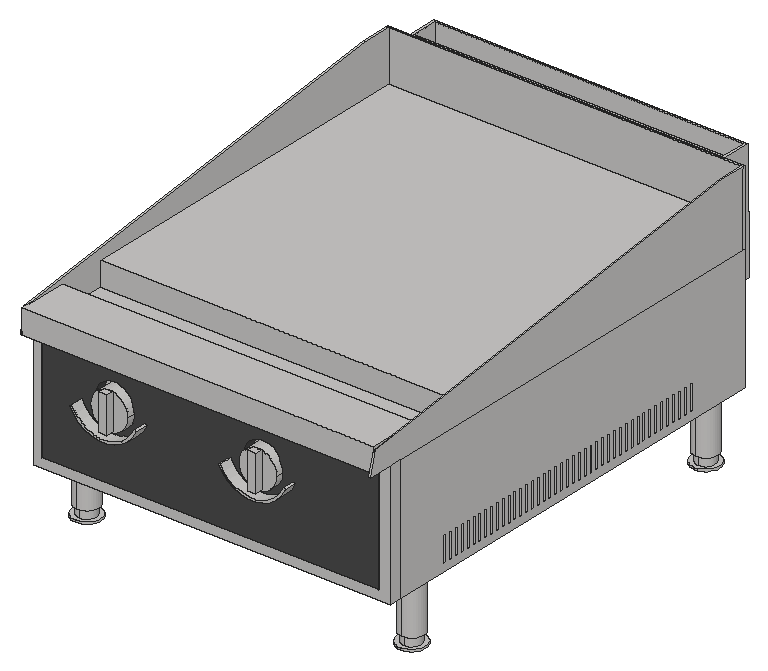
Revit family "QF_Vollrath_924GGT", category Specialty Equipment, Revit 2016
Family settings
  Part Type = Normal
  Round Connector Dimension = Use Diameter
  OmniClass Number = 23.40.40.14.17.21
  OmniClass Title = Grills
  Work Plane-Based = No
  Always vertical = Yes
  Cut with Voids When Loaded = No
  Shared = No
  Room Calculation Point = No
Parameters (values of type "924GGT")
  Width = 24.00"
  Weight in Pounds = 350
  Watermarked By = "http://revitwatermark.com"
  URL Cutsheet = ""
  URL = ""
  Status [instance] = ""
  Specification by User [instance] = ""
  Specification by Manufacturer [instance] = ""
  Serial Number [instance] = ""
  Seismic Rating [instance] = ""
  Revision Code [instance] = ""
  NAFEM Spec ID Number [instance] = ""
  Model = "924GGT"
  Mechanical Remarks [instance] = ""
  Mechanical Connection Type [instance] = ""
  Masterspec [instance] = ""
  Manufacturer = "Vollrath"
  Length = 31.00"
  Item Number [instance] = "-"
  Installed By [instance] = ""
  Height AFF [instance] = 36.00"
  Gas Size = 3/4"
  Gas RI Height [instance] = 0.00"
  Gas Input = 60000.0 Btu/h
  Gas Connection Height [instance] = Height AFF + 5.375"  # 41.375"
  Furnished By [instance] = ""
  Foodservice Equipment Identifier [instance] = yes
  Description = "Heavy-Duty Flat Top Gas Griddle Thermostatically Controlled"
  CSI MasterFormat = "11 44 00"
  Assembly Code = "E1090320"
Reference planes (in)
  plane 1: z = 0
  plane 2 "BOTTOM": z = 36
  plane 3 "LEFT CLEARANCE": x = -30.72076
  plane 4 "RIGHT CLEARANCE": x = 5.27924
  plane 5 "BACK CLEARANCE": y = 6
  plane 6 "Top of Legs": z = 40
  plane 7 "LEFT": x = -24.72076
  plane 8 "RIGHT": x = -0.72076
  plane 9 "BACK": y = 0
  plane 10: z = 39.75
  plane 11: z = 39.5
  plane 12: z = 41.5
  plane 13: y = -0.125
  plane 14: x = -24.59576
  plane 15 "Grease Trap": z = 48.38
  plane 16 "TOP": z = 53.38
  plane 17: y = -54.1
  plane 18: z = 37.04079
  plane 19: y = 1.5
  plane 20: z = 45.25
  plane 21: z = 45.4229
  plane 22: z = 50.005
  plane 23 "FRONT": y = -33
  plane 24: y = -29.62
  plane 25: y = -26.37
  plane 26: x = -0.84576
  plane 27: x = -1.46829
  plane 28: x = -2.0635
  plane 29: x = -2.0635
  plane 30: x = -12.72076
  plane 31: x = -12.72076
  plane 32: x = -6.22076
Forms (in)
  Extrusion 1, solid, material "QF_Finishes_Stainless Steel"
    sketch origin (0, -2, 36) x (0, 1, 0) y (-1, 0, 0)
      loop
        circle (-2, 23.59576) r 0.9375
    from 0 to 0.125
  Extrusion 2, solid, material "QF_Finishes_Stainless Steel"
    sketch origin (0, -2, 36) x (0, 1, 0) y (-1, 0, 0)
      loop
        circle (-2, 23.59576) r 0.625
    from 0.125 to 0.75
  Extrusion 3, solid, material "QF_Finishes_Stainless Steel"
    sketch origin (0, -2, 36) x (0, 1, 0) y (-1, 0, 0)
      loop
        circle (-2, 23.59576) r 0.8125
    from 0.75 to 4
  Extrusion 4, solid, material "QF_Finishes_Stainless Steel"
    sketch origin (33.375, -2, 36) x (0, 1, 0) y (-1, 0, 0)
      loop
        circle (-2, 35.09576) r 0.9375
    from 0 to 0.125
  Extrusion 5, solid, material "QF_Finishes_Stainless Steel"
    sketch origin (33.375, -2, 36) x (0, 1, 0) y (-1, 0, 0)
      loop
        circle (-2, 35.09576) r 0.625
    from 0.125 to 0.75
  Extrusion 6, solid, material "QF_Finishes_Stainless Steel"
    sketch origin (33.375, -2, 36) x (0, 1, 0) y (-1, 0, 0)
      loop
        circle (-2, 35.09576) r 0.8125
    from 0.75 to 4
  Extrusion 7, solid, material "QF_Finishes_Stainless Steel"
    sketch origin (33.375, -27.75, 36) x (0, 1, 0) y (-1, 0, 0)
      loop
        circle (-1, 35.09576) r 0.9375
    from 0 to 0.125
  Extrusion 8, solid, material "QF_Finishes_Stainless Steel"
    sketch origin (33.375, -27.75, 36) x (0, 1, 0) y (-1, 0, 0)
      loop
        circle (-1, 35.09576) r 0.625
    from 0.125 to 0.75
  Extrusion 9, solid, material "QF_Finishes_Stainless Steel"
    sketch origin (33.375, -27.75, 36) x (0, 1, 0) y (-1, 0, 0)
      loop
        circle (-1, 35.09576) r 0.8125
    from 0.75 to 4
  Extrusion 10, solid, material "QF_Finishes_Stainless Steel"
    sketch origin (0, -27.75, 36) x (0, 1, 0) y (-1, 0, 0)
      loop
        circle (-1, 23.59576) r 0.9375
    from 0 to 0.125
  Extrusion 11, solid, material "QF_Finishes_Stainless Steel"
    sketch origin (0, -27.75, 36) x (0, 1, 0) y (-1, 0, 0)
      loop
        circle (-1, 23.59576) r 0.625
    from 0.125 to 0.75
  Extrusion 12, solid, material "QF_Finishes_Stainless Steel"
    sketch origin (0, -27.75, 36) x (0, 1, 0) y (-1, 0, 0)
      loop
        circle (-1, 23.59576) r 0.8125
    from 0.75 to 4
  Extrusion 13, solid, material "QF_Finishes_Stainless Steel"
    sketch origin (0, -2, 36) x (0, 1, 0) y (-1, 0, 0)
      loop
        line (0, 24.72076) -> (-29.04599, 24.72076) -> (-29.04599, 0.72076) -> (0, 0.72076) -> (0, 24.72076)
    from 4 to 12.38
  Extrusion 14, solid, material "QF_Finishes_Black"
    sketch origin (0, -2, 0) x (1, 0, 0) y (0, 0, 1)
      loop
        line (-21.72076, 40) -> (-21.72076, 39.75) -> (-14.42076, 39.75) -> (-14.42076, 40) -> (-21.72076, 40)
    from 20.18353 to 29.04599
  Extrusion 15, solid, material "QF_Finishes_Black"
    sketch origin (0, -2, 0) x (1, 0, 0) y (0, 0, 1)
      loop
        line (-21.72076, 39.75) -> (-21.72076, 39.5) -> (-19.01868, 39.5) -> (-19.01868, 39.75) -> (-21.72076, 39.75)
    from 20.18353 to 29.04599
  Extrusion 16, solid, material "QF_Finishes_Clearances", detail levels coarse
    sketch origin (0, 0, 36) x (0, 1, 0) y (-1, 0, 0)
      loop
        line (6, 30.72076) -> (-33, 30.72076) -> (-33, 24.72076) -> (6, 24.72076) -> (6, 30.72076)
    from 0 to 17.38
  Extrusion 17, solid, material "QF_Finishes_Clearances", detail levels coarse
    sketch origin (0, 0, 36) x (0, 1, 0) y (-1, 0, 0)
      loop
        line (6, 0.72076) -> (-33, 0.72076) -> (-33, -5.27924) -> (6, -5.27924) -> (6, 0.72076)
    from 0 to 17.38
  Extrusion 18, solid, material "QF_Finishes_Clearances", detail levels coarse
    sketch origin (0, 0, 36) x (0, 1, 0) y (-1, 0, 0)
      loop
        line (6, 24.72076) -> (0, 24.72076) -> (0, 0.72076) -> (6, 0.72076) -> (6, 24.72076)
    from 0 to 17.38
  Extrusion 19, solid, material "QF_Finishes_Stainless Steel"
    sketch origin (15.31103, -2, 0) x (1, 0, 0) y (0, 0, 1)
      loop
        circle (-21.53179, 41.5) r 0.375
    from -1.5 to 0
  Extrusion 20, solid, material "QF_Finishes_Stainless Steel"
    sketch origin (-36.59576, -2, 0) x (0, 1, 0) y (0, 0, 1)
      loop
        line (-30.61071, 49.92402) -> (-30.9385, 48.38) -> (0, 48.38) -> (0, 53.38) -> (-2.02013, 53.38) -> (-30.61071, 49.92402)
    from 11.875 to 12
  Extrusion 21, solid, material "QF_Finishes_Stainless Steel"
    sketch origin (-24.72076, -2, 0) x (0, 1, 0) y (0, 0, 1)
      loop
        line (-27.62, 48.38) -> (-27.62, 50.005) -> (-31, 50.005) -> (-31, 48.38) -> (-27.62, 48.38)
    from 0.125 to 23.875
  Extrusion 22, solid, material "QF_Finishes_Stainless Steel"
    sketch origin (0, -2, 0) x (1, 0, 0) y (0, 0, 1)
      loop
        line (-24.72076, 48.38) -> (-24.72076, 40) -> (-0.72076, 40) -> (-0.72076, 48.38) -> (-24.72076, 48.38)
      loop
        line (-24.21829, 47.84818) -> (-24.21829, 40.59949) -> (-1.46829, 40.59949) -> (-1.46829, 47.84818) -> (-24.21829, 47.84818)
    from 29.04599 to 29.79599
  Extrusion 23, solid, material "QF_Finishes_Stainless Steel"
    sketch origin (-12.72076, -2, 0) x (0, 1, 0) y (0, 0, 1)
      loop
        line (-31.04007, 49.84867) -> (-31.41648, 48.38) -> (0, 48.38) -> (0, 53.38) -> (-1.85356, 53.38) -> (-31.04007, 49.84867)
    from 11.875 to 12
  Extrusion 24, solid, material "QF_Finishes_Stainless Steel"
    sketch origin (-24.72076, -2, 0) x (0, 1, 0) y (0, 0, 1)
      loop
        line (-0.125, 53.38) -> (-0.125, 48.38) -> (0, 48.38) -> (0, 53.38) -> (-0.125, 53.38)
    from 0 to 24
  Extrusion 25, solid, material "QF_Finishes_Black"
    sketch origin (0, -2, 0) x (1, 0, 0) y (0, 0, 1)
      loop
        line (-24.21829, 47.84818) -> (-24.21829, 40.59949) -> (-1.46829, 40.59949) -> (-1.46829, 47.84818) -> (-24.21829, 47.84818)
      loop
        circle (-19.29502, 45.68228) r 1.25
      loop
        circle (-9.29502, 45.68228) r 1.25
    from 29.04599 to 29.79599
  Extrusion 26, void
    sketch origin (-24.72076, -2, 0) x (0, 1, 0) y (0, 0, 1)
      loop
        line (-25.39258, 42.24738) -> (-25.39258, 40.49738) -> (-25.14258, 40.49738) -> (-25.14258, 42.24738) -> (-25.39258, 42.24738)
      loop
        line (-24.89258, 42.24738) -> (-24.89258, 40.49738) -> (-24.64258, 40.49738) -> (-24.64258, 42.24738) -> (-24.89258, 42.24738)
      loop
        line (-24.39258, 42.24738) -> (-24.39258, 40.49738) -> (-24.14258, 40.49738) -> (-24.14258, 42.24738) -> (-24.39258, 42.24738)
      loop
        line (-23.89258, 42.24738) -> (-23.89258, 40.49738) -> (-23.64258, 40.49738) -> (-23.64258, 42.24738) -> (-23.89258, 42.24738)
      loop
        line (-23.39258, 42.24738) -> (-23.39258, 40.49738) -> (-23.14258, 40.49738) -> (-23.14258, 42.24738) -> (-23.39258, 42.24738)
      loop
        line (-22.89258, 42.24738) -> (-22.89258, 40.49738) -> (-22.64258, 40.49738) -> (-22.64258, 42.24738) -> (-22.89258, 42.24738)
      loop
        line (-22.43353, 42.24738) -> (-22.43353, 40.49738) -> (-22.18353, 40.49738) -> (-22.18353, 42.24738) -> (-22.43353, 42.24738)
      loop
        line (-21.93353, 42.24738) -> (-21.93353, 40.49738) -> (-21.68353, 40.49738) -> (-21.68353, 42.24738) -> (-21.93353, 42.24738)
      loop
        line (-21.43353, 42.24738) -> (-21.43353, 40.49738) -> (-21.18353, 40.49738) -> (-21.18353, 42.24738) -> (-21.43353, 42.24738)
      loop
        line (-20.93353, 42.24738) -> (-20.93353, 40.49738) -> (-20.68353, 40.49738) -> (-20.68353, 42.24738) -> (-20.93353, 42.24738)
      loop
        line (-20.43353, 42.24738) -> (-20.43353, 40.49738) -> (-20.18353, 40.49738) -> (-20.18353, 42.24738) -> (-20.43353, 42.24738)
      loop
        line (-19.93353, 42.24738) -> (-19.93353, 40.49738) -> (-19.68353, 40.49738) -> (-19.68353, 42.24738) -> (-19.93353, 42.24738)
      loop
        line (-19.47447, 42.24738) -> (-19.47447, 40.49738) -> (-19.22447, 40.49738) -> (-19.22447, 42.24738) -> (-19.47447, 42.24738)
      loop
        line (-18.97447, 42.24738) -> (-18.97447, 40.49738) -> (-18.72447, 40.49738) -> (-18.72447, 42.24738) -> (-18.97447, 42.24738)
      loop
        line (-18.47447, 42.24738) -> (-18.47447, 40.49738) -> (-18.22447, 40.49738) -> (-18.22447, 42.24738) -> (-18.47447, 42.24738)
      loop
        line (-17.97447, 42.24738) -> (-17.97447, 40.49738) -> (-17.72447, 40.49738) -> (-17.72447, 42.24738) -> (-17.97447, 42.24738)
      loop
        line (-17.47447, 42.24738) -> (-17.47447, 40.49738) -> (-17.22447, 40.49738) -> (-17.22447, 42.24738) -> (-17.47447, 42.24738)
      loop
        line (-16.97447, 42.24738) -> (-16.97447, 40.49738) -> (-16.72447, 40.49738) -> (-16.72447, 42.24738) -> (-16.97447, 42.24738)
      loop
        line (-16.51542, 42.24738) -> (-16.51542, 40.49738) -> (-16.26542, 40.49738) -> (-16.26542, 42.24738) -> (-16.51542, 42.24738)
      loop
        line (-16.01542, 42.24738) -> (-16.01542, 40.49738) -> (-15.76542, 40.49738) -> (-15.76542, 42.24738) -> (-16.01542, 42.24738)
      loop
        line (-15.51542, 42.24738) -> (-15.51542, 40.49738) -> (-15.26542, 40.49738) -> (-15.26542, 42.24738) -> (-15.51542, 42.24738)
      loop
        line (-15.01542, 42.24738) -> (-15.01542, 40.49738) -> (-14.76542, 40.49738) -> (-14.76542, 42.24738) -> (-15.01542, 42.24738)
      loop
        line (-14.51542, 42.24738) -> (-14.51542, 40.49738) -> (-14.26542, 40.49738) -> (-14.26542, 42.24738) -> (-14.51542, 42.24738)
      loop
        line (-14.01542, 42.24738) -> (-14.01542, 40.49738) -> (-13.76542, 40.49738) -> (-13.76542, 42.24738) -> (-14.01542, 42.24738)
      loop
        line (-13.55636, 42.24738) -> (-13.55636, 40.49738) -> (-13.30636, 40.49738) -> (-13.30636, 42.24738) -> (-13.55636, 42.24738)
      loop
        line (-13.05636, 42.24738) -> (-13.05636, 40.49738) -> (-12.80636, 40.49738) -> (-12.80636, 42.24738) -> (-13.05636, 42.24738)
      loop
        line (-12.55636, 42.24738) -> (-12.55636, 40.49738) -> (-12.30636, 40.49738) -> (-12.30636, 42.24738) -> (-12.55636, 42.24738)
      loop
        line (-12.05636, 42.24738) -> (-12.05636, 40.49738) -> (-11.80636, 40.49738) -> (-11.80636, 42.24738) -> (-12.05636, 42.24738)
      loop
        line (-11.55636, 42.24738) -> (-11.55636, 40.49738) -> (-11.30636, 40.49738) -> (-11.30636, 42.24738) -> (-11.55636, 42.24738)
      loop
        line (-11.05636, 42.24738) -> (-11.05636, 40.49738) -> (-10.80636, 40.49738) -> (-10.80636, 42.24738) -> (-11.05636, 42.24738)
      loop
        line (-10.59731, 42.24738) -> (-10.59731, 40.49738) -> (-10.34731, 40.49738) -> (-10.34731, 42.24738) -> (-10.59731, 42.24738)
      loop
        line (-10.09731, 42.24738) -> (-10.09731, 40.49738) -> (-9.84731, 40.49738) -> (-9.84731, 42.24738) -> (-10.09731, 42.24738)
      loop
        line (-9.59731, 42.24738) -> (-9.59731, 40.49738) -> (-9.34731, 40.49738) -> (-9.34731, 42.24738) -> (-9.59731, 42.24738)
      loop
        line (-9.09731, 42.24738) -> (-9.09731, 40.49738) -> (-8.84731, 40.49738) -> (-8.84731, 42.24738) -> (-9.09731, 42.24738)
      loop
        line (-8.63825, 42.24738) -> (-8.63825, 40.49738) -> (-8.38825, 40.49738) -> (-8.38825, 42.24738) -> (-8.63825, 42.24738)
      loop
        line (-8.13825, 42.24738) -> (-8.13825, 40.49738) -> (-7.88825, 40.49738) -> (-7.88825, 42.24738) -> (-8.13825, 42.24738)
      loop
        line (-7.63825, 42.24738) -> (-7.63825, 40.49738) -> (-7.38825, 40.49738) -> (-7.38825, 42.24738) -> (-7.63825, 42.24738)
      loop
        line (-7.13825, 42.24738) -> (-7.13825, 40.49738) -> (-6.88825, 40.49738) -> (-6.88825, 42.24738) -> (-7.13825, 42.24738)
      loop
        line (-6.63825, 42.24738) -> (-6.63825, 40.49738) -> (-6.38825, 40.49738) -> (-6.38825, 42.24738) -> (-6.63825, 42.24738)
      loop
        line (-6.13825, 42.24738) -> (-6.13825, 40.49738) -> (-5.88825, 40.49738) -> (-5.88825, 42.24738) -> (-6.13825, 42.24738)
      loop
        line (-5.63825, 42.24738) -> (-5.63825, 40.49738) -> (-5.38825, 40.49738) -> (-5.38825, 42.24738) -> (-5.63825, 42.24738)
      loop
        line (-5.13825, 42.24738) -> (-5.13825, 40.49738) -> (-4.88825, 40.49738) -> (-4.88825, 42.24738) -> (-5.13825, 42.24738)
      loop
        line (-4.63825, 42.24738) -> (-4.63825, 40.49738) -> (-4.38825, 40.49738) -> (-4.38825, 42.24738) -> (-4.63825, 42.24738)
    from 23.67052 to 24
  Extrusion 27, void
    sketch origin (-48.47076, -2, 0) x (0, 1, 0) y (0, 0, 1)
      loop
        line (-25.39258, 42.24738) -> (-25.39258, 40.49738) -> (-25.14258, 40.49738) -> (-25.14258, 42.24738) -> (-25.39258, 42.24738)
      loop
        line (-24.89258, 42.24738) -> (-24.89258, 40.49738) -> (-24.64258, 40.49738) -> (-24.64258, 42.24738) -> (-24.89258, 42.24738)
      loop
        line (-24.39258, 42.24738) -> (-24.39258, 40.49738) -> (-24.14258, 40.49738) -> (-24.14258, 42.24738) -> (-24.39258, 42.24738)
      loop
        line (-23.89258, 42.24738) -> (-23.89258, 40.49738) -> (-23.64258, 40.49738) -> (-23.64258, 42.24738) -> (-23.89258, 42.24738)
      loop
        line (-23.39258, 42.24738) -> (-23.39258, 40.49738) -> (-23.14258, 40.49738) -> (-23.14258, 42.24738) -> (-23.39258, 42.24738)
      loop
        line (-22.89258, 42.24738) -> (-22.89258, 40.49738) -> (-22.64258, 40.49738) -> (-22.64258, 42.24738) -> (-22.89258, 42.24738)
      loop
        line (-22.43353, 42.24738) -> (-22.43353, 40.49738) -> (-22.18353, 40.49738) -> (-22.18353, 42.24738) -> (-22.43353, 42.24738)
      loop
        line (-21.93353, 42.24738) -> (-21.93353, 40.49738) -> (-21.68353, 40.49738) -> (-21.68353, 42.24738) -> (-21.93353, 42.24738)
      loop
        line (-21.43353, 42.24738) -> (-21.43353, 40.49738) -> (-21.18353, 40.49738) -> (-21.18353, 42.24738) -> (-21.43353, 42.24738)
      loop
        line (-20.93353, 42.24738) -> (-20.93353, 40.49738) -> (-20.68353, 40.49738) -> (-20.68353, 42.24738) -> (-20.93353, 42.24738)
      loop
        line (-20.43353, 42.24738) -> (-20.43353, 40.49738) -> (-20.18353, 40.49738) -> (-20.18353, 42.24738) -> (-20.43353, 42.24738)
      loop
        line (-19.93353, 42.24738) -> (-19.93353, 40.49738) -> (-19.68353, 40.49738) -> (-19.68353, 42.24738) -> (-19.93353, 42.24738)
      loop
        line (-19.47447, 42.24738) -> (-19.47447, 40.49738) -> (-19.22447, 40.49738) -> (-19.22447, 42.24738) -> (-19.47447, 42.24738)
      loop
        line (-18.97447, 42.24738) -> (-18.97447, 40.49738) -> (-18.72447, 40.49738) -> (-18.72447, 42.24738) -> (-18.97447, 42.24738)
      loop
        line (-18.47447, 42.24738) -> (-18.47447, 40.49738) -> (-18.22447, 40.49738) -> (-18.22447, 42.24738) -> (-18.47447, 42.24738)
      loop
        line (-17.97447, 42.24738) -> (-17.97447, 40.49738) -> (-17.72447, 40.49738) -> (-17.72447, 42.24738) -> (-17.97447, 42.24738)
      loop
        line (-17.47447, 42.24738) -> (-17.47447, 40.49738) -> (-17.22447, 40.49738) -> (-17.22447, 42.24738) -> (-17.47447, 42.24738)
      loop
        line (-16.97447, 42.24738) -> (-16.97447, 40.49738) -> (-16.72447, 40.49738) -> (-16.72447, 42.24738) -> (-16.97447, 42.24738)
      loop
        line (-16.51542, 42.24738) -> (-16.51542, 40.49738) -> (-16.26542, 40.49738) -> (-16.26542, 42.24738) -> (-16.51542, 42.24738)
      loop
        line (-16.01542, 42.24738) -> (-16.01542, 40.49738) -> (-15.76542, 40.49738) -> (-15.76542, 42.24738) -> (-16.01542, 42.24738)
      loop
        line (-15.51542, 42.24738) -> (-15.51542, 40.49738) -> (-15.26542, 40.49738) -> (-15.26542, 42.24738) -> (-15.51542, 42.24738)
      loop
        line (-15.01542, 42.24738) -> (-15.01542, 40.49738) -> (-14.76542, 40.49738) -> (-14.76542, 42.24738) -> (-15.01542, 42.24738)
      loop
        line (-14.51542, 42.24738) -> (-14.51542, 40.49738) -> (-14.26542, 40.49738) -> (-14.26542, 42.24738) -> (-14.51542, 42.24738)
      loop
        line (-14.01542, 42.24738) -> (-14.01542, 40.49738) -> (-13.76542, 40.49738) -> (-13.76542, 42.24738) -> (-14.01542, 42.24738)
      loop
        line (-13.55636, 42.24738) -> (-13.55636, 40.49738) -> (-13.30636, 40.49738) -> (-13.30636, 42.24738) -> (-13.55636, 42.24738)
      loop
        line (-13.05636, 42.24738) -> (-13.05636, 40.49738) -> (-12.80636, 40.49738) -> (-12.80636, 42.24738) -> (-13.05636, 42.24738)
      loop
        line (-12.55636, 42.24738) -> (-12.55636, 40.49738) -> (-12.30636, 40.49738) -> (-12.30636, 42.24738) -> (-12.55636, 42.24738)
      loop
        line (-12.05636, 42.24738) -> (-12.05636, 40.49738) -> (-11.80636, 40.49738) -> (-11.80636, 42.24738) -> (-12.05636, 42.24738)
      loop
        line (-11.55636, 42.24738) -> (-11.55636, 40.49738) -> (-11.30636, 40.49738) -> (-11.30636, 42.24738) -> (-11.55636, 42.24738)
      loop
        line (-11.05636, 42.24738) -> (-11.05636, 40.49738) -> (-10.80636, 40.49738) -> (-10.80636, 42.24738) -> (-11.05636, 42.24738)
      loop
        line (-10.59731, 42.24738) -> (-10.59731, 40.49738) -> (-10.34731, 40.49738) -> (-10.34731, 42.24738) -> (-10.59731, 42.24738)
      loop
        line (-10.13825, 42.24738) -> (-10.13825, 40.49738) -> (-9.88825, 40.49738) -> (-9.88825, 42.24738) -> (-10.13825, 42.24738)
      loop
        line (-9.63825, 42.24738) -> (-9.63825, 40.49738) -> (-9.38825, 40.49738) -> (-9.38825, 42.24738) -> (-9.63825, 42.24738)
      loop
        line (-9.13825, 42.24738) -> (-9.13825, 40.49738) -> (-8.88825, 40.49738) -> (-8.88825, 42.24738) -> (-9.13825, 42.24738)
      loop
        line (-8.63825, 42.24738) -> (-8.63825, 40.49738) -> (-8.38825, 40.49738) -> (-8.38825, 42.24738) -> (-8.63825, 42.24738)
      loop
        line (-8.13825, 42.24738) -> (-8.13825, 40.49738) -> (-7.88825, 40.49738) -> (-7.88825, 42.24738) -> (-8.13825, 42.24738)
      loop
        line (-7.63825, 42.24738) -> (-7.63825, 40.49738) -> (-7.38825, 40.49738) -> (-7.38825, 42.24738) -> (-7.63825, 42.24738)
      loop
        line (-7.1792, 42.24738) -> (-7.1792, 40.49738) -> (-6.9292, 40.49738) -> (-6.9292, 42.24738) -> (-7.1792, 42.24738)
      loop
        line (-6.6792, 42.24738) -> (-6.6792, 40.49738) -> (-6.4292, 40.49738) -> (-6.4292, 42.24738) -> (-6.6792, 42.24738)
      loop
        line (-6.1792, 42.24738) -> (-6.1792, 40.49738) -> (-5.9292, 40.49738) -> (-5.9292, 42.24738) -> (-6.1792, 42.24738)
      loop
        line (-5.6792, 42.24738) -> (-5.6792, 40.49738) -> (-5.4292, 40.49738) -> (-5.4292, 42.24738) -> (-5.6792, 42.24738)
      loop
        line (-5.1792, 42.24738) -> (-5.1792, 40.49738) -> (-4.9292, 40.49738) -> (-4.9292, 42.24738) -> (-5.1792, 42.24738)
      loop
        line (-4.6792, 42.24738) -> (-4.6792, 40.49738) -> (-4.4292, 40.49738) -> (-4.4292, 42.24738) -> (-4.6792, 42.24738)
    from 23.67052 to 24
  Extrusion 28, solid, material "QF_Finishes_Stainless Steel"
    sketch origin (2.53584, -6, 0) x (1, 0, 0) y (0, 0, 1)
      loop
        circle (-21.79502, 45.36228) r 1.25
    from 25.04599 to 26.25
  Extrusion 29, solid, material "QF_Finishes_Stainless Steel"
    sketch origin (2.53584, -6, 0.03961) x (1, 0, 0) y (0, 0, 1)
      loop
        line (-22.10719, 46.57267) -> (-22.10719, 44.14715) -> (-21.55452, 44.14715) -> (-21.55452, 46.57267) -> (-22.10719, 46.57267)
    from 26.25 to 26.75
  Extrusion 30, solid, material "QF_Finishes_Stainless Steel"
    sketch origin (12.53584, -6, 0) x (1, 0, 0) y (0, 0, 1)
      loop
        circle (-21.79502, 45.36228) r 1.25
    from 25.04599 to 26.25
  Extrusion 31, solid, material "QF_Finishes_Stainless Steel"
    sketch origin (12.53584, -6, 0.03961) x (1, 0, 0) y (0, 0, 1)
      loop
        line (-22.10719, 46.57267) -> (-22.10719, 44.14715) -> (-21.55452, 44.14715) -> (-21.55452, 46.57267) -> (-22.10719, 46.57267)
    from 26.25 to 26.75
  Extrusion 32, solid, material "QF_Finishes_Stainless Steel", not visible
    sketch origin (0, 0, 0.25) x (1, 0, 0) y (0, 0, 1)
      loop
        circle (-24.02485, 46.05421) r 0.25
    from 0.125 to 25.04599
  Extrusion 33, solid, material "QF_Finishes_Stainless Steel", not visible
    sketch origin (0.8089, 0, 0.25) x (1, 0, 0) y (0, 0, 1)
      loop
        circle (-24.02485, 46.05421) r 0.25
    from 0.125 to 25.04599
  Extrusion 34, solid, material "QF_Finishes_Stainless Steel", not visible
    sketch origin (1.62977, 0, 0.25) x (1, 0, 0) y (0, 0, 1)
      loop
        circle (-24.02485, 46.05421) r 0.25
    from 0.24473 to 25.25
  Extrusion 35, solid, material "QF_Finishes_Stainless Steel", not visible
    sketch origin (2.43868, 0, 0.25) x (1, 0, 0) y (0, 0, 1)
      loop
        circle (-24.02485, 46.05421) r 0.25
    from 0.24473 to 25.04599
  Extrusion 36, solid, material "QF_Finishes_Stainless Steel", not visible
    sketch origin (3.25954, 0, 0.25) x (1, 0, 0) y (0, 0, 1)
      loop
        circle (-24.02485, 46.05421) r 0.25
    from 0.24473 to 25.04599
  Extrusion 37, solid, material "QF_Finishes_Stainless Steel", not visible
    sketch origin (4.06845, 0, 0.25) x (1, 0, 0) y (0, 0, 1)
      loop
        circle (-24.02485, 46.05421) r 0.25
    from 0.125 to 25.75
  Extrusion 38, solid, material "QF_Finishes_Stainless Steel", not visible
    sketch origin (4.88932, 0, 0.25) x (1, 0, 0) y (0, 0, 1)
      loop
        circle (-24.02485, 46.05421) r 0.25
    from 0.125 to 25.04599
  Extrusion 39, solid, material "QF_Finishes_Stainless Steel", not visible
    sketch origin (5.69822, 0, 0.25) x (1, 0, 0) y (0, 0, 1)
      loop
        circle (-24.02485, 46.05421) r 0.25
    from 0.125 to 25.75
  Extrusion 40, solid, material "QF_Finishes_Stainless Steel", not visible
    sketch origin (6.51909, 0, 0.25) x (1, 0, 0) y (0, 0, 1)
      loop
        circle (-24.02485, 46.05421) r 0.25
    from 0.125 to 25.04599
  Extrusion 41, solid, material "QF_Finishes_Stainless Steel", not visible
    sketch origin (7.32799, 0, 0.25) x (1, 0, 0) y (0, 0, 1)
      loop
        circle (-24.02485, 46.05421) r 0.25
    from 0 to 25.04599
  Extrusion 42, solid, material "QF_Finishes_Stainless Steel", not visible
    sketch origin (8.14886, 0, 0.25) x (1, 0, 0) y (0, 0, 1)
      loop
        circle (-24.02485, 46.05421) r 0.25
    from 0 to 25.04599
  Extrusion 43, solid, material "QF_Finishes_Stainless Steel", not visible
    sketch origin (8.95777, 0, 0.25) x (1, 0, 0) y (0, 0, 1)
      loop
        circle (-24.02485, 46.05421) r 0.25
    from 0 to 25.04599
  Extrusion 44, solid, material "QF_Finishes_Stainless Steel", not visible
    sketch origin (9.76477, 0, 0.25) x (1, 0, 0) y (0, 0, 1)
      loop
        circle (-24.02485, 46.05421) r 0.25
    from 0 to 25.04599
  Extrusion 45, solid, material "QF_Finishes_Stainless Steel", not visible
    sketch origin (10.57367, 0, 0.25) x (1, 0, 0) y (0, 0, 1)
      loop
        circle (-24.02485, 46.05421) r 0.25
    from 0 to 25.04599
  Extrusion 46, solid, material "QF_Finishes_Stainless Steel", not visible
    sketch origin (11.39454, 0, 0.25) x (1, 0, 0) y (0, 0, 1)
      loop
        circle (-24.02485, 46.05421) r 0.25
    from 0 to 25.04599
  Extrusion 47, solid, material "QF_Finishes_Stainless Steel", not visible
    sketch origin (12.26638, 0, 0.25) x (1, 0, 0) y (0, 0, 1)
      loop
        circle (-24.02485, 46.05421) r 0.25
    from 0 to 25.04599
  Extrusion 48, solid, material "QF_Finishes_Stainless Steel", not visible
    sketch origin (13.08724, 0, 0.25) x (1, 0, 0) y (0, 0, 1)
      loop
        circle (-24.02485, 46.05421) r 0.25
    from 0 to 25.04599
  Extrusion 49, solid, material "QF_Finishes_Stainless Steel", not visible
    sketch origin (13.89615, 0, 0.25) x (1, 0, 0) y (0, 0, 1)
      loop
        circle (-24.02485, 46.05421) r 0.25
    from 0 to 25.04599
  Extrusion 50, solid, material "QF_Finishes_Stainless Steel", not visible
    sketch origin (15.40006, 0, 0.25) x (1, 0, 0) y (0, 0, 1)
      loop
        circle (-30.52485, 46.05421) r 0.25
    from 0 to 25.04599
  Extrusion 51, solid, material "QF_Finishes_Stainless Steel", not visible
    sketch origin (16.22092, 0, 0.25) x (1, 0, 0) y (0, 0, 1)
      loop
        circle (-30.52485, 46.05421) r 0.25
    from 0 to 25.25
  Extrusion 52, solid, material "QF_Finishes_Stainless Steel", not visible
    sketch origin (17.09276, 0, 0.25) x (1, 0, 0) y (0, 0, 1)
      loop
        circle (-30.52485, 46.05421) r 0.25
    from 0 to 25.04599
  Extrusion 53, solid, material "QF_Finishes_Stainless Steel", not visible
    sketch origin (17.91363, 0, 0.25) x (1, 0, 0) y (0, 0, 1)
      loop
        circle (-30.52485, 46.05421) r 0.25
    from 0 to 25.04599
  Extrusion 54, solid, material "QF_Finishes_Stainless Steel", not visible
    sketch origin (18.72253, 0, 0.25) x (1, 0, 0) y (0, 0, 1)
      loop
        circle (-30.52485, 46.05421) r 0.25
    from 0 to 25.04599
  Extrusion 55, solid, material "QF_Finishes_Stainless Steel", not visible
    sketch origin (19.5434, 0, 0.25) x (1, 0, 0) y (0, 0, 1)
      loop
        circle (-30.52485, 46.05421) r 0.25
    from 0 to 25.04599
  Extrusion 56, solid, material "QF_Finishes_Stainless Steel", not visible
    sketch origin (20.3523, 0, 0.25) x (1, 0, 0) y (0, 0, 1)
      loop
        circle (-30.52485, 46.05421) r 0.25
    from 0 to 25.04599
  Extrusion 57, solid, material "QF_Finishes_Stainless Steel", not visible
    sketch origin (21.17317, 0, 0.25) x (1, 0, 0) y (0, 0, 1)
      loop
        circle (-30.52485, 46.05421) r 0.25
    from 0 to 25.04599
  Extrusion 58, solid, material "QF_Finishes_Stainless Steel", not visible
    sketch origin (21.98208, 0, 0.25) x (1, 0, 0) y (0, 0, 1)
      loop
        circle (-30.52485, 46.05421) r 0.25
    from 0 to 25.04599
  Extrusion 59, solid, material "QF_Finishes_Stainless Steel", not visible
    sketch origin (22.80294, 0, 0.25) x (1, 0, 0) y (0, 0, 1)
      loop
        circle (-30.52485, 46.05421) r 0.25
    from 0 to 25.25
  Extrusion 60, solid, material "QF_Finishes_Stainless Steel", not visible
    sketch origin (23.61185, 0, 0.25) x (1, 0, 0) y (0, 0, 1)
      loop
        circle (-30.52485, 46.05421) r 0.25
    from 0 to 25.04599
  Extrusion 61, solid, material "QF_Finishes_Stainless Steel", not visible
    sketch origin (24.43272, 0, 0.25) x (1, 0, 0) y (0, 0, 1)
      loop
        circle (-30.52485, 46.05421) r 0.25
    from 0 to 25.04599
  Extrusion 62, solid, material "QF_Finishes_Stainless Steel", not visible
    sketch origin (25.24162, 0, 0.25) x (1, 0, 0) y (0, 0, 1)
      loop
        circle (-30.52485, 46.05421) r 0.25
    from 0 to 25.75
  Extrusion 63, solid, material "QF_Finishes_Stainless Steel", not visible
    sketch origin (26.06249, 0, 0.25) x (1, 0, 0) y (0, 0, 1)
      loop
        circle (-30.52485, 46.05421) r 0.25
    from 0 to 25.04599
  Extrusion 64, solid, material "QF_Finishes_Stainless Steel", not visible
    sketch origin (32.58158, 0, 0.25) x (1, 0, 0) y (0, 0, 1)
      loop
        circle (-36.02485, 46.05421) r 0.25
    from 0 to 25.04599
  Extrusion 65, solid, material "QF_Finishes_Stainless Steel", not visible
    sketch origin (33.40244, 0, 0.25) x (1, 0, 0) y (0, 0, 1)
      loop
        circle (-36.02485, 46.05421) r 0.25
    from 0 to 25.04599
  Extrusion 66, solid, material "QF_Finishes_Stainless Steel", not visible
    sketch origin (34.21135, 0, 0.25) x (1, 0, 0) y (0, 0, 1)
      loop
        circle (-36.02485, 46.05421) r 0.25
    from 0 to 25.75
  Sweep 67, solid, material "QF_Finishes_Stainless Steel"
    path origin (0.78584, -32.63083, 0) x (1, 0, 0) y (0, 0, 1)
      loop
        arc (-22.40972, 45.02818) -> (-20.15972, 43.59334) -> (-17.90972, 45.02818) r 2.48155
    profile origin (-19.37389, -32.63083, 43.59334) x (0, 0, 1) y (0, -1, 0)
      loop
        line (0, 0) -> (0, -0.83484) -> (0.14592, -0.83484) -> (0.14592, 0) -> (0, 0)
  Sweep 68, solid, material "QF_Finishes_Stainless Steel"
    path origin (10.78584, -32.63083, 0) x (1, 0, 0) y (0, 0, 1)
      loop
        arc (-22.40972, 45.02818) -> (-20.15972, 43.59334) -> (-17.90972, 45.02818) r 2.48155
    profile origin (-9.37389, -32.63083, 43.59334) x (0, 0, 1) y (0, -1, 0)
      loop
        line (0, 0) -> (0, -0.83484) -> (0.14592, -0.83484) -> (0.14592, 0) -> (0, 0)
  Extrusion 69, solid, material "QF_Finishes_Stainless Steel"
    sketch origin (0, 0, 36) x (0, 1, 0) y (-1, 0, 0)
      loop
        line (0, 23.22076) -> (-2, 23.22076) -> (-2, 2.0635) -> (0, 2.0635) -> (0, 23.22076)
      loop
        line (-0.125, 23.09841) -> (-1.85689, 23.09841) -> (-1.85689, 2.22076) -> (-0.125, 2.22076) -> (-0.125, 23.09841)
    from 9.4229 to 17.38
  Extrusion 70, solid, material "QF_Finishes_Stainless Steel"
    sketch origin (0, 0, 36) x (0, 1, 0) y (-1, 0, 0)
      loop
        line (0, 23.22076) -> (-2, 23.22076) -> (-2, 2.0635) -> (0, 2.0635) -> (0, 23.22076)
    from 9.25 to 9.4229
  Extrusion 71, solid, material "QF_Finishes_Stainless Steel"
    sketch origin (-24.72076, 0, 0) x (0, 1, 0) y (0, 0, 1)
      loop
        line (-26.37, 50.005) -> (-26.37, 48.38) -> (-2.125, 48.38) -> (-2.125, 50.005) -> (-26.37, 50.005)
    from 0.125 to 23.875
  Extrusion 72, solid, material "QF_Finishes_Stainless Steel", not visible
    sketch origin (2.53584, -6, 0) x (1, 0, 0) y (0, 0, 1)
      loop
        circle (-21.79502, 45.36228) r 1.25
    from 25.04599 to 26.25
  Extrusion 73, solid, material "QF_Finishes_Stainless Steel", not visible
    sketch origin (2.53584, -6, 0.03961) x (1, 0, 0) y (0, 0, 1)
      loop
        line (-22.10719, 46.57267) -> (-22.10719, 44.14715) -> (-21.55452, 44.14715) -> (-21.55452, 46.57267) -> (-22.10719, 46.57267)
    from 26.25 to 26.75
  Extrusion 74, solid, material "QF_Finishes_Stainless Steel", not visible
    sketch origin (12.53584, -6, 0) x (1, 0, 0) y (0, 0, 1)
      loop
        circle (-21.79502, 45.36228) r 1.25
    from 25.04599 to 26.25
  Extrusion 75, solid, material "QF_Finishes_Stainless Steel", not visible
    sketch origin (12.53584, -6, 0.03961) x (1, 0, 0) y (0, 0, 1)
      loop
        line (-22.10719, 46.57267) -> (-22.10719, 44.14715) -> (-21.55452, 44.14715) -> (-21.55452, 46.57267) -> (-22.10719, 46.57267)
    from 26.25 to 26.75
  Sweep 76, solid, material "QF_Finishes_Stainless Steel", not visible
    path origin (0.78584, -32.63083, 0) x (1, 0, 0) y (0, 0, 1)
      loop
        arc (-22.40972, 45.02818) -> (-20.15972, 43.59334) -> (-17.90972, 45.02818) r 2.48155
    profile origin (-19.37389, -32.63083, 43.59334) x (0, 0, 1) y (0, -1, 0)
      loop
        line (0, 0) -> (0, -0.83484) -> (0.14592, -0.83484) -> (0.14592, 0) -> (0, 0)
  Sweep 77, solid, material "QF_Finishes_Stainless Steel", not visible
    path origin (10.78584, -32.63083, 0) x (1, 0, 0) y (0, 0, 1)
      loop
        arc (-22.40972, 45.02818) -> (-20.15972, 43.59334) -> (-17.90972, 45.02818) r 2.48155
    profile origin (-9.37389, -32.63083, 43.59334) x (0, 0, 1) y (0, -1, 0)
      loop
        line (0, 0) -> (0, -0.83484) -> (0.14592, -0.83484) -> (0.14592, 0) -> (0, 0)
Cuts and joins
  Extrusion 26, Extrusion 27 cuts Extrusion 13
  Extrusion 26 cuts Extrusion 16
  Extrusion 27 cuts Extrusion 17
  joined: Extrusion 69, Extrusion 70
Lines and regions (in)
  symbolic lines, style "QF_Clearances", detail levels coarse
    curve 1: line (-30.72076, -31, 36) -> (-30.72076, 6, 36)
    curve 2: line (-30.72076, 6, 36) -> (-24.72076, 6, 36)
    curve 3: line (-24.72076, 6, 36) -> (-0.72076, 6, 36)
    curve 4: line (-0.72076, 6, 36) -> (5.27924, 6, 36)
    curve 5: line (5.27924, 6, 36) -> (5.27924, -31, 36)
  symbolic lines
    curve 6: line (-24.72076, -2, 36) -> (-0.72076, -2, 36)
    curve 7: line (-0.72076, -2, 36) -> (-0.72076, -29.62, 36)
    curve 8: line (-0.72076, -29.62, 36) -> (-24.72076, -29.62, 36)
    curve 9: line (-24.72076, -29.62, 36) -> (-24.72076, -2, 36)
    curve 10: line (-24.72076, -33, 36) -> (-0.72076, -33, 36)
    curve 14: line (-0.72076, -26.37, 36) -> (-24.72076, -26.37, 36)
    curve 19: line (-22.72076, -29.62, 48.38) -> (-22.72076, -26.37, 48.38)
  symbolic lines, style "QF_Clearances", detail levels coarse+fine
    curve 11: line (-14.42076, -33, 36) -> (-14.42076, -54.1, 36)
    curve 12: line (-14.42076, -54.1, 36) -> (-21.82076, -54.1, 36)
    curve 13: line (-21.82076, -54.1, 36) -> (-21.82076, -33, 36)
  symbolic lines, style "SpecialityEquipment"
    curve 15: line (-2.0635, -2, 36) -> (-2.0635, 0, 36)
    curve 16: line (-2.0635, 0, 36) -> (-23.22076, 0, 36)
    curve 17: line (-23.22076, 0, 36) -> (-23.22076, -2, 36)
  model lines
    curve 18: line (-22.72076, -26.37, 48.38) -> (-22.72076, -29.62, 48.38)
    curve 20: line (-18.72545, -26.39258, 48.38) -> (-18.72545, -29.64258, 48.38)
Dimensions and locks (in)
  "Height AFF": plane 2 "BOTTOM" to level
  plane 3 "LEFT CLEARANCE" to plane 7 "LEFT" = 6.00"
  locked: plane 8 "RIGHT" to plane 4 "RIGHT CLEARANCE" at 6
  plane 5 "BACK CLEARANCE" to plane 9 "BACK" = 6.00"
  locked: Extrusion 19 sketch curve to plane 6 "Top of Legs" at 1.5
  locked: plane 6 "Top of Legs" to plane 2 "BOTTOM" at 4
  locked: plane 10 to plane 11 at 0.25
  locked: plane 6 "Top of Legs" to plane 10 at 0.25
  locked: plane 12 to plane 6 "Top of Legs" at 1.5
  locked: plane 15 "Grease Trap" to plane 6 "Top of Legs" at 8.38
  plane 17 to Extrusion 21 = 21.10"
  locked: plane 22 to plane 15 "Grease Trap" at 1.625
  locked: plane 16 "TOP" to plane 22 at 3.375
  locked: Extrusion 30 to plane 2 "BOTTOM" at 9.36228
  locked: plane 26 to plane 8 "RIGHT" at 0.125
  plane 26 to plane 8 "RIGHT" = 0.125"
  locked: plane 29 to plane 27 at 0.59522
  locked: plane 27 to plane 26 at 0.62253
  "Width": plane 7 "LEFT" to plane 8 "RIGHT"
  equal spacing: plane 7 "LEFT", plane 30, plane 8 "RIGHT"
  locked: plane 31 to plane 32 at 6.5
  locked: plane 21 to plane 20 at 0.1729
  locked: plane 16 "TOP" to plane 21 at 7.9571
  aligned and locked: level to plane 1
  aligned and locked: Extrusion 16 to Extrusion 20
  aligned and locked: Extrusion 16 to Extrusion 18
  aligned and locked: Extrusion 16 to Extrusion 23
  aligned and locked: plane 16 "TOP" to Extrusion 16
  aligned and locked: Extrusion 13 to Extrusion 20
  aligned and locked: Extrusion 13 to Extrusion 21
  aligned and locked: Extrusion 17 to Extrusion 18
  aligned and locked: plane 21 to Extrusion 70
  aligned and locked: Extrusion 70 to plane 20
  aligned and locked: Extrusion 69 to Extrusion 70  (x2)
  aligned and locked: Extrusion 18 to Extrusion 69
  aligned and locked: Extrusion 71 sketch curve to plane 22
  aligned and locked: Extrusion 71 sketch curve to Extrusion 24
  aligned and locked: Extrusion 23 to plane 8 "RIGHT"
  aligned and locked: Extrusion 23 to Extrusion 21
  aligned and locked: Extrusion 24 to plane 8 "RIGHT"
  aligned and locked: Extrusion 22 to plane 8 "RIGHT"
  aligned and locked: Extrusion 25 to Extrusion 22
  aligned and locked: Extrusion 22 to plane 27
  aligned and locked: Extrusion 70 to curve 16
  aligned and locked: Extrusion 23 to plane 26
  aligned and locked: Extrusion 71 to Extrusion 21
  aligned and locked: Extrusion 29 to Extrusion 15
  aligned and locked: Extrusion 20 to plane 15 "Grease Trap"
Automatic sketch dimensions
  Extrusion 1 sketch curve to plane 13 = 3.875"
  plane 14 to Extrusion 1 sketch curve = 1.00"
  Extrusion 2 sketch curve to plane 13 = 3.875"
  plane 14 to Extrusion 2 sketch curve = 1.00"
  Extrusion 3 sketch curve to plane 13 = 3.875"
  plane 14 to Extrusion 3 sketch curve = 1.00"
  plane 14 to Extrusion 10 sketch curve = 1.00"
  plane 14 to Extrusion 11 sketch curve = 1.00"
  plane 14 to Extrusion 12 sketch curve = 1.00"
  Extrusion 16 sketch curve to plane 3 "LEFT CLEARANCE" = 0.00"
  Extrusion 16 sketch curve to plane 5 "BACK CLEARANCE" = 0.00"
  Extrusion 16 sketch curve to plane 7 "LEFT" = 0.00"
  plane 6 "Top of Legs" to Extrusion 26 sketch curve = 0.49738"  (x3)
  Extrusion 26 sketch curve to Extrusion 26 sketch curve = 0.25"  (x79)
  Extrusion 26 sketch curve to Extrusion 26 sketch curve = 0.20905"  (x6)
  Extrusion 26 sketch curve to Extrusion 26 sketch curve = 0.00"  (x82)
  plane 12 to Extrusion 26 sketch curve = 0.74738"
  plane 6 "Top of Legs" to Extrusion 27 sketch curve = 0.49738"  (x3)
  Extrusion 27 sketch curve to Extrusion 27 sketch curve = 0.25"  (x78)
  Extrusion 27 sketch curve to Extrusion 27 sketch curve = 0.20905"  (x7)
  Extrusion 27 sketch curve to Extrusion 27 sketch curve = 0.00"  (x82)
  plane 12 to Extrusion 27 sketch curve = 0.74738"
  plane 17 to Extrusion 10 sketch curve = 25.35"
  plane 17 to Extrusion 11 sketch curve = 25.35"
  plane 17 to Extrusion 12 sketch curve = 25.35"
  plane 17 to Extrusion 16 sketch curve = 21.10"
  plane 17 to Extrusion 26 sketch curve = 26.70742"
  plane 17 to Extrusion 27 sketch curve = 26.70742"
  Extrusion 29 sketch curve to Extrusion 29 sketch curve = 0.55267"
  Extrusion 30 sketch curve to Extrusion 30 sketch curve = 1.25"
  Extrusion 31 sketch curve to Extrusion 31 sketch curve = 0.55267"
  profile plane to Sweep 67 sketch curve = 0.00"
  Sweep 67 sketch curve to profile plane = 0.00"
  Sweep 67 sketch curve to Sweep 67 sketch curve = 0.14592"
  Sweep 67 sketch curve to Sweep 67 sketch curve = 0.83484"
  Sweep 68 sketch curve to Sweep 68 sketch curve = 2.25"  (x2)
  profile plane to Sweep 68 sketch curve = 0.00"
  Sweep 68 sketch curve to profile plane = 0.00"
  Sweep 68 sketch curve to Sweep 68 sketch curve = 0.14592"
  Sweep 68 sketch curve to Sweep 68 sketch curve = 0.83484"
  Extrusion 28 sketch curve to Extrusion 28 sketch curve = 1.25"
  Extrusion 29 sketch curve to Extrusion 29 sketch curve = 2.42552"
  Extrusion 31 sketch curve to Extrusion 31 sketch curve = 2.42552"
  Sweep 67 sketch curve to Sweep 67 sketch curve = 2.25"  (x2)
  Sweep 67 sketch curve to Sweep 67 sketch curve = 1.04671"
  Sweep 68 sketch curve to Sweep 68 sketch curve = 1.04671"
  Extrusion 73 sketch curve to Extrusion 73 sketch curve = 0.55267"
  Extrusion 74 sketch curve to Extrusion 74 sketch curve = 1.25"
  Extrusion 75 sketch curve to Extrusion 75 sketch curve = 0.55267"
  profile plane to Sweep 76 sketch curve = 0.00"
  Sweep 76 sketch curve to profile plane = 0.00"
  Sweep 76 sketch curve to Sweep 76 sketch curve = 0.14592"
  Sweep 76 sketch curve to Sweep 76 sketch curve = 0.83484"
  Sweep 77 sketch curve to Sweep 77 sketch curve = 2.25"  (x2)
  profile plane to Sweep 77 sketch curve = 0.00"
  Sweep 77 sketch curve to profile plane = 0.00"
  Sweep 77 sketch curve to Sweep 77 sketch curve = 0.14592"
  Sweep 77 sketch curve to Sweep 77 sketch curve = 0.83484"
  Extrusion 72 sketch curve to Extrusion 72 sketch curve = 1.25"
  Extrusion 73 sketch curve to Extrusion 73 sketch curve = 2.42552"
  Extrusion 75 sketch curve to Extrusion 75 sketch curve = 2.42552"
  Sweep 76 sketch curve to Sweep 76 sketch curve = 2.25"  (x2)
  Sweep 76 sketch curve to Sweep 76 sketch curve = 1.04671"
  Sweep 77 sketch curve to Sweep 77 sketch curve = 1.04671"
  Extrusion 28 sketch curve to Extrusion 28 sketch curve = 0.00"  (x2)
  Extrusion 30 sketch curve to Extrusion 30 sketch curve = 0.00"  (x2)
  Extrusion 72 sketch curve to Extrusion 72 sketch curve = 0.00"  (x2)
  Extrusion 74 sketch curve to Extrusion 74 sketch curve = 0.00"  (x2)
  Extrusion 19 sketch curve to plane 32 = 0.00"
  plane 27 to Extrusion 4 sketch curve = 0.25247"
  Extrusion 4 sketch curve to plane 13 = 3.875"
  plane 27 to Extrusion 5 sketch curve = 0.25247"
  Extrusion 5 sketch curve to plane 13 = 3.875"
  plane 27 to Extrusion 6 sketch curve = 0.25247"
  Extrusion 6 sketch curve to plane 13 = 3.875"
  plane 27 to Extrusion 7 sketch curve = 0.25247"
  Extrusion 7 sketch curve to plane 24 = 0.87"
  plane 27 to Extrusion 8 sketch curve = 0.25247"
  Extrusion 8 sketch curve to plane 24 = 0.87"
  plane 27 to Extrusion 9 sketch curve = 0.25247"
  Extrusion 9 sketch curve to plane 24 = 0.87"
  curve 11 to plane 17 = 0.00"
  curve 10 to plane 7 "LEFT" = 0.00"
  plane 23 "FRONT" to curve 10 = 0.00"
  curve 5 to plane 4 "RIGHT CLEARANCE" = 0.00"
  curve 1 to plane 3 "LEFT CLEARANCE" = 0.00"
  curve 8 to plane 7 "LEFT" = 0.00"
  plane 24 to curve 8 = 0.00"
  curve 14 to plane 8 "RIGHT" = 0.00"
  plane 25 to curve 14 = 0.00"
  curve 17 to plane 9 "BACK" = 0.00"
  curve 1 to plane 5 "BACK CLEARANCE" = 0.00"
  curve 4 to plane 8 "RIGHT" = 0.00"
  curve 10 to plane 8 "RIGHT" = 0.00"
  curve 3 to plane 7 "LEFT" = 0.00"
  plane 24 to curve 5 = 1.38"
  plane 24 to curve 1 = 1.38"
  curve 6 to plane 13 = 1.875"
  plane 30 to curve 11 = 1.70"
  plane 14 to curve 13 = 2.775"
  plane 14 to curve 17 = 1.375"
  Extrusion 13 sketch curve to plane 7 "LEFT" = 0.00"
  Extrusion 13 sketch curve to plane 8 "RIGHT" = 0.00"
  plane 24 to Extrusion 13 sketch curve = 1.42599"
  Extrusion 13 sketch curve to plane 13 = 1.875"
  Extrusion 14 sketch curve to plane 10 = 0.00"
  Extrusion 14 sketch curve to plane 6 "Top of Legs" = 0.00"
  plane 14 to Extrusion 14 sketch curve = 2.875"
  plane 30 to Extrusion 14 sketch curve = 1.70"
  Extrusion 15 sketch curve to plane 11 = 0.00"
  Extrusion 15 sketch curve to plane 10 = 0.00"
  plane 14 to Extrusion 15 sketch curve = 2.875"
  plane 30 to Extrusion 15 sketch curve = 6.29793"
  Extrusion 17 sketch curve to plane 8 "RIGHT" = 0.00"
  plane 23 "FRONT" to Extrusion 17 sketch curve = 0.00"
  Extrusion 17 sketch curve to plane 5 "BACK CLEARANCE" = 0.00"
  Extrusion 17 sketch curve to plane 4 "RIGHT CLEARANCE" = 0.00"
  Extrusion 18 sketch curve to plane 7 "LEFT" = 0.00"
  Extrusion 18 sketch curve to plane 9 "BACK" = 0.00"
  Extrusion 18 sketch curve to plane 5 "BACK CLEARANCE" = 0.00"
  Extrusion 18 sketch curve to plane 8 "RIGHT" = 0.00"
  Extrusion 20 sketch curve to plane 15 "Grease Trap" = 0.00"
  Extrusion 20 sketch curve to plane 16 "TOP" = 0.00"
  Extrusion 20 sketch curve to plane 23 "FRONT" = 0.0615"
  Extrusion 20 sketch curve to plane 22 = 0.08098"
  Extrusion 20 sketch curve to plane 23 "FRONT" = 0.38929"
  Extrusion 20 sketch curve to plane 13 = 3.89513"
  Extrusion 20 sketch curve to plane 13 = 1.875"
  Extrusion 21 sketch curve to plane 15 "Grease Trap" = 0.00"
  Extrusion 21 sketch curve to plane 23 "FRONT" = 0.00"
  Extrusion 21 sketch curve to plane 22 = 0.00"
  Extrusion 21 sketch curve to plane 24 = 0.00"
  Extrusion 22 sketch curve to plane 6 "Top of Legs" = 0.00"
  Extrusion 22 sketch curve to plane 7 "LEFT" = 0.00"
  Extrusion 22 sketch curve to plane 27 = 0.00"
  plane 8 "RIGHT" to Extrusion 22 sketch curve = 0.00"
  Extrusion 22 sketch curve to plane 15 "Grease Trap" = 0.00"
  plane 14 to Extrusion 22 sketch curve = 0.37747"
  plane 6 "Top of Legs" to Extrusion 22 sketch curve = 0.59949"
  Extrusion 22 sketch curve to plane 15 "Grease Trap" = 0.53182"
  Extrusion 23 sketch curve to plane 15 "Grease Trap" = 0.00"
  Extrusion 23 sketch curve to plane 16 "TOP" = 0.00"
  plane 23 "FRONT" to Extrusion 23 sketch curve = 0.41648"
  plane 23 "FRONT" to Extrusion 23 sketch curve = 0.04007"
  Extrusion 23 sketch curve to plane 13 = 3.72856"
  Extrusion 23 sketch curve to plane 13 = 1.875"
  Extrusion 23 sketch curve to plane 22 = 0.15633"
  Extrusion 24 sketch curve to plane 15 "Grease Trap" = 0.00"
  Extrusion 24 sketch curve to plane 16 "TOP" = 0.00"
  Extrusion 24 sketch curve to plane 13 = 2.00"
  Extrusion 24 sketch curve to Extrusion 24 sketch curve = 0.125"
  Extrusion 25 sketch curve to Extrusion 25 sketch curve = 0.00"  (x4)
  plane 27 to Extrusion 25 sketch curve = 0.00"
  plane 21 to Extrusion 25 sketch curve = 0.25937"  (x2)
  Extrusion 25 sketch curve to plane 28 = 5.98151"
  Extrusion 25 sketch curve to plane 32 = 3.07426"
  plane 30 to Extrusion 25 sketch curve = 5.32426"
  Extrusion 25 sketch curve to Extrusion 25 sketch curve = 1.25"
  plane 14 to Extrusion 25 sketch curve = 0.37747"
  plane 6 "Top of Legs" to Extrusion 25 sketch curve = 0.59949"
  Extrusion 25 sketch curve to plane 15 "Grease Trap" = 0.53182"
  Extrusion 69 sketch curve to plane 28 = 0.00"
  Extrusion 69 sketch curve to plane 13 = 0.00"
  Extrusion 69 sketch curve to plane 9 "BACK" = 0.00"
  Extrusion 69 sketch curve to Extrusion 69 sketch curve = 1.73189"
  Extrusion 69 sketch curve to Extrusion 69 sketch curve = 0.14311"
  Extrusion 69 sketch curve to plane 28 = 0.15725"
  plane 14 to Extrusion 69 sketch curve = 1.49734"
  Extrusion 69 sketch curve to Extrusion 69 sketch curve = 0.12234"
  Extrusion 70 sketch curve to plane 28 = 0.00"
  Extrusion 70 sketch curve to plane 9 "BACK" = 0.00"
  Extrusion 70 sketch curve to plane 13 = 1.875"
  plane 14 to Extrusion 70 sketch curve = 1.375"
  Extrusion 71 sketch curve to plane 25 = 0.00"
  Extrusion 71 sketch curve to plane 13 = 2.00"
  plane 25 to curve 19 = 0.00"
  plane 24 to curve 19 = 0.00"
  plane 25 to curve 20 = 0.02258"
  plane 24 to curve 20 = 0.02258"
  plane 14 to curve 18 = 1.875"
  curve 18 to curve 20 = 3.99531"
  radius of Extrusion 32 sketch curve = 0.25"
  radius of Extrusion 33 sketch curve = 0.25"
  radius of Extrusion 34 sketch curve = 0.25"
  radius of Extrusion 35 sketch curve = 0.25"
  radius of Extrusion 36 sketch curve = 0.25"
  radius of Extrusion 37 sketch curve = 0.25"
  radius of Extrusion 38 sketch curve = 0.25"
  radius of Extrusion 39 sketch curve = 0.25"
  radius of Extrusion 40 sketch curve = 0.25"
  radius of Extrusion 41 sketch curve = 0.25"
  radius of Extrusion 42 sketch curve = 0.25"
  radius of Extrusion 43 sketch curve = 0.25"
  radius of Extrusion 44 sketch curve = 0.25"
  radius of Extrusion 45 sketch curve = 0.25"
  radius of Extrusion 46 sketch curve = 0.25"
  radius of Extrusion 47 sketch curve = 0.25"
  radius of Extrusion 48 sketch curve = 0.25"
  radius of Extrusion 49 sketch curve = 0.25"
  radius of Extrusion 50 sketch curve = 0.25"
  radius of Extrusion 51 sketch curve = 0.25"
  radius of Extrusion 52 sketch curve = 0.25"
  radius of Extrusion 53 sketch curve = 0.25"
  radius of Extrusion 54 sketch curve = 0.25"
  radius of Extrusion 55 sketch curve = 0.25"
  radius of Extrusion 56 sketch curve = 0.25"
  radius of Extrusion 57 sketch curve = 0.25"
  radius of Extrusion 58 sketch curve = 0.25"
  radius of Extrusion 59 sketch curve = 0.25"
  radius of Extrusion 60 sketch curve = 0.25"
  radius of Extrusion 61 sketch curve = 0.25"
  radius of Extrusion 62 sketch curve = 0.25"
  radius of Extrusion 63 sketch curve = 0.25"
  radius of Extrusion 64 sketch curve = 0.25"
  radius of Extrusion 65 sketch curve = 0.25"
  radius of Extrusion 66 sketch curve = 0.25"
  radius of Extrusion 1 sketch curve = 0.9375"
  radius of Extrusion 2 sketch curve = 0.625"
  radius of Extrusion 3 sketch curve = 0.8125"
  radius of Extrusion 10 sketch curve = 0.9375"
  radius of Extrusion 11 sketch curve = 0.625"
  radius of Extrusion 12 sketch curve = 0.8125"
  radius of Extrusion 19 sketch curve = 0.375"
  radius of Extrusion 4 sketch curve = 0.9375"
  radius of Extrusion 5 sketch curve = 0.625"
  radius of Extrusion 6 sketch curve = 0.8125"
  radius of Extrusion 7 sketch curve = 0.9375"
  radius of Extrusion 8 sketch curve = 0.625"
  radius of Extrusion 9 sketch curve = 0.8125"
Connectors (in)
  piping at (-6.22076, -0.5, 41.5), diameter 0.75
    settings: on Extrusion 19, index 1, connector inside diameter 3/4", connector length 0.00", flow factor 0, pipe flow 0 GPM, pressure drop 0.00 psi, fitting loss kfactor 0, connector angle 0.00°, fixture units 0, engagement length 0.00", angle of deflection 0.00°, flow configuration 1, flow direction 1, fitting loss method 0, system type 22, joint type 0, gender type 0, connector reference index -1, connector utility 0, adjustable connector no, is connector primary yes, connector description "Gas Connection"
